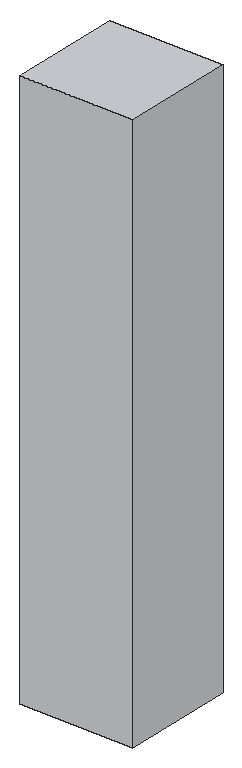
Revit family "KG_Antennen_V1700", category Kommunikationsgeräte, Revit 2017
Family settings
  Beschriftungsausrichtung beibehalten = Nein
  Bemaßung runder Anschluss = Durchmesser verwenden
  Teiletyp = Normal
  OmniClass-Nummer = 23.85.50.00
  OmniClass-Titel = Communication Systems
  Arbeitsebenenbasiert = Nein
  Immer vertikal = Ja
  Beim Laden mit Abzugskörper schneiden = Nein
  Gemeinsam genutzt = Nein
  Raumberechnungspunkt = Nein
Parameters (values of type "Parabolantenne_ANT")
  pbr_Material_KZ = ""
  pbr_Material = none
  pbr_E_Typ = ""
  pbr_E_KZ = ""
  pbr_DINBild = 0
  pbr_Bild = 0
  pbr_3Dx_Delta_Korrekturversatz [instance] = 0 mm
  pbr_3DX_Versatzfaktor [instance] = 0
  pbr_2DY_Versatzfaktor [instance] = 0
  pbr_2DX_Versatzfaktor [instance] = 0
  lfd_STRK [instance] = 0
  cpiFitMatchKey [instance] = "E-EMO3"
  Zentrale [instance] = ""
  YFrontversatz [instance] = if(pbr_2DY_Versatzfaktor = 300, 0 mm, pbr_2DY_Versatzfaktor * 300 mm)  # 0 mm
  XSeitenversatz [instance] = if(pbr_2DX_Versatzfaktor = 0, 3000 mm, 3000 mm + (pbr_2DX_Versatzfaktor * 300 mm)) + Eckversatz  # 3000 mm
  X3Dversatz [instance] = 0 mm
  Typ [instance] = ""
  Tiefe = 100 mm
  Text3 [instance] = ""
  Text2 [instance] = ""
  Text1 [instance] = ""
  Planungsbüro Rohling = "www.pbr.de"
  Parabolantenne = yes
  Niveau [instance] = 0 mm
  Netzart = ""
  Menge(Dosenzahl) [instance] = 0
  Länge = 100 mm
  Linie/Anschluss [instance] = ""
  Linie [instance] = ""
  Lastklassifizierung = none
  Installationsart [instance] = ""
  Info [instance] = ""
  Höhe = 500 mm
  Gewerk [instance] = "ANT"
  Empfangsantenne = no
  Elektrische Antriebe = _E_CAx Detail Elektrische Antriebe Motor : Motorantrieb
  Eckversatz = 0 mm
  Bus [instance] = ""
  Betriebsstrom ruhe [instance] = 0
  Betriebsstrom max [instance] = 0
  3DX_Versatzkontrolle [instance] = if(pbr_3DX_Versatzfaktor = 0, (pbr_2DX_Versatzfaktor * -1), (((-1 * pbr_3DX_Versatzfaktor) + pbr_2DX_Versatzfaktor) * -1))  # 0
  3DX_Versatz [instance] = 0 mm
Types (2, lengths in mm): name | Tiefe | Parabolantenne | Länge | Empfangsantenne
  Empfangsantenne_ANT | 500 | no | 500 | yes
  Parabolantenne_ANT | 100 | yes | 100 | no
Reference planes
  plane 1 "Mitte (Vorne/Hinten)": y = 0
  plane 2: z = 0
  plane 3 "Mitte (Links/Rechts)": x = 0
  plane 4: z = 500
  plane 5: y = 50
  plane 6: x = -50
  plane 7: x = 50
  plane 8: y = -50
Forms (mm)
  Sweep 1, solid
    path origin (0, 0, 0) x (1, 0, 0) y (0, 0, 1)
      loop
        line (0, 0) -> (0, 500)
    profile origin (0, 0, 250) x (-1, 0, 0) y (0, -1, 0)
      loop
        line (50, 50) -> (-50, 50) -> (-50, -50) -> (50, -50) -> (50, 50)
Dimensions and locks
  "Höhe": plane 4 to level
  equal spacing: plane 6, plane 3 "Mitte (Links/Rechts)", plane 7
  "Länge": plane 6 to plane 7
  equal spacing: plane 5, plane 1 "Mitte (Vorne/Hinten)", plane 8
  "Tiefe": plane 5 to plane 8
  aligned and locked: level to plane 2
  aligned and locked: plane 4 to Sweep 1 sketch curve
  aligned and locked: level to Sweep 1 sketch curve
  aligned and locked: plane 5 to Sweep 1 sketch curve
  aligned and locked: plane 7 to Sweep 1 sketch curve
  aligned and locked: Sweep 1 sketch curve to plane 8
  aligned and locked: Sweep 1 sketch curve to plane 6
Automatic sketch dimensions
  Sweep 1 sketch curve to plane 3 "Mitte (Links/Rechts)" = 0 mm
Nested families
  nested 1: "Empfangsantenne" at (0, 0, 0), visible <- "Empfangsantenne", type "Empfangsantenne"
  nested 2: "Parabolantenne" at (0, 0, 0), visible <- "Parabolantenne", type "Parabolantenne"
Connectors
  electrical at (0, 0, 0)
    settings: on Sweep 1, index 1, voltage 230 V, apparent load 3000 VA, apparent load phase1 0 VA, apparent load phase2 0 VA, apparent load phase3 0 VA, power factor 1, load classification "Motor", number of poles 1, system type 14, power factor state 1, is connector primary yes, connector utility no, sub classification motor yes, connector description ""
Definition of nested family "Empfangsantenne"
  Reference planes
    plane 1 "Mitte (Vorne/Hinten)": y = 0
    plane 2: z = 0
    plane 3 "Mitte (Links/Rechts)": x = 0
  Lines and regions (mm)
    detail lines, in view "Referenzebene"
      curve 1: line (119.82, 0, 0) -> (-110.58, 0, 0)
      curve 2: line (-110.58, 230.4, 0) -> (4.62, 115.2, 0)
      curve 3: line (4.62, 115.2, 0) -> (119.82, 230.4, 0)
      curve 4: line (4.62, 115.2, 0) -> (4.62, 0, 0)
Definition of nested family "Parabolantenne"
  Reference planes
    plane 1 "Mitte (Vorne/Hinten)": y = 0
    plane 2: z = 0
    plane 3 "Mitte (Links/Rechts)": x = 0
  Lines and regions (mm)
    detail lines, in view "Referenzebene"
      curve 1: arc (-71.4, 402.029, 0) -> (-33.061, 541.61, 0) -> (-63.479, 683.128, 0) r 304.61
      curve 2: arc (-234.006, 264.94, 0) -> (-145, 324.347, 0) -> (-71.4, 402.029, 0) r 479.074
      curve 3: arc (-1.914, 469.736, 0) -> (-9.562, 469.437, 0) -> (-14.758, 463.818, 0) r 10
      curve 4: arc (-42.207, 389.456, 0) -> (-41.907, 381.808, 0) -> (-36.288, 376.611, 0) r 10
      curve 5: arc (-26.568, 373.024, 0) -> (-18.921, 373.323, 0) -> (-13.724, 378.942, 0) r 10
      curve 6: arc (13.724, 453.304, 0) -> (13.425, 460.952, 0) -> (7.806, 466.149, 0) r 10
      curve 7: line (-15.621, 375.773, 0) -> (-15.621, -2.743, 0)
      curve 8: line (-15.621, -2.743, 0) -> (0, -2.743, 0)
      curve 9: line (0, -2.743, 0) -> (0, 416.123, 0)
      curve 10: line (-15.621, 253.444, 0) -> (-135.084, -2.743, 0)
      curve 11: line (-135.084, -2.743, 0) -> (-119.462, -2.743, 0)
      curve 12: line (-119.462, -2.743, 0) -> (-15.621, 219.944, 0)
      curve 13: line (-72.465, 400.624, 0) -> (-42.207, 389.456, 0)
      curve 14: line (-42.207, 389.456, 0) -> (-14.758, 463.818, 0)
      curve 15: line (-14.758, 463.818, 0) -> (-42.598, 474.094, 0)
      curve 16: line (-15.621, 92.979, 0) -> (-74.826, 92.979, 0)
      curve 17: line (-15.621, 108.6, 0) -> (-67.542, 108.6, 0)
      curve 18: line (7.806, 466.149, 0) -> (-1.914, 469.736, 0)
      curve 19: line (-13.724, 378.942, 0) -> (13.724, 453.304, 0)
      curve 20: line (-36.288, 376.611, 0) -> (-26.568, 373.024, 0)
      curve 21: line (0, 219.944, 0) -> (103.841, -2.743, 0)
      curve 22: line (103.841, -2.743, 0) -> (119.462, -2.743, 0)
      curve 23: line (119.462, -2.743, 0) -> (0, 253.444, 0)
      curve 24: line (0, 108.6, 0) -> (51.92, 108.6, 0)
      curve 25: line (0, 92.979, 0) -> (59.205, 92.979, 0)
      curve 26: line (-317.961, 567.64, 0) -> (-370.166, 567.64, 0)
      curve 27: line (-370.166, 567.64, 0) -> (-265.74, 296.478, 0)
      curve 28: line (-317.961, 580.126, 0) -> (-387.477, 580.126, 0)
      curve 29: line (-387.477, 580.126, 0) -> (-272.171, 280.709, 0)
      curve 30: line (-272.171, 280.709, 0) -> (-99.256, 704.751, 0)
      curve 31: line (-99.256, 704.751, 0) -> (-63.479, 683.128, 0)
      curve 32: line (-63.479, 683.128, 0) -> (-234.006, 264.94, 0)
      curve 33: line (-234.006, 264.94, 0) -> (-272.171, 280.709, 0)
      curve 34: line (-317.961, 534.55, 0) -> (-287.6, 534.55, 0)
      curve 35: line (-287.6, 534.55, 0) -> (-287.6, 613.816, 0)
      curve 36: line (-287.6, 613.816, 0) -> (-317.961, 613.816, 0)
      curve 37: line (-317.961, 613.816, 0) -> (-317.961, 534.55, 0)
